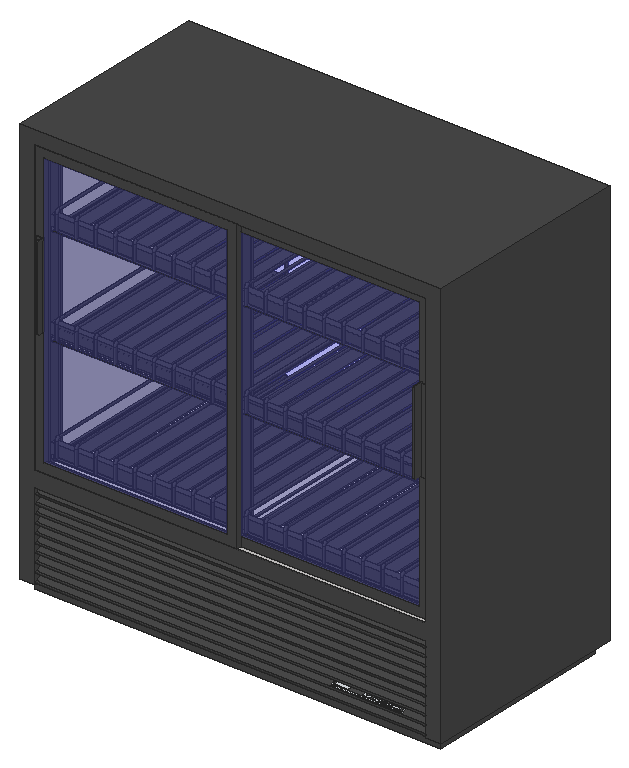
Revit family "QF_TRUE_GDM-41CPT-48-HC-LD", category Specialty Equipment, Revit 2016
Family settings
  Part Type = Normal
  Round Connector Dimension = Use Diameter
  Work Plane-Based = No
  Always vertical = Yes
  Cut with Voids When Loaded = No
  Shared = No
  Room Calculation Point = No
Parameters
  Weight in Pounds = 0
  Watts = if(Phase = 3, Volts * FL Amps * 1.73, Volts * FL Amps)  # 230 W
  Volts = 115 V
  URL Cutsheet = ""
  Specification by User = ""
  Specification by Manufacturer = ""
  Shpw Clearance [instance] = yes
  Show Logo [instance] = yes
  Show 6 Inches Standard Legs [instance] = no
  Show 6 Inches Seismic Flanged Legs [instance] = no
  Show 4 Inches Castors [instance] = no
  Show 2.5 Inches Castors [instance] = no
  Serial Number = ""
  Seismic Rating = ""
  SMACNA No = ""
  Revision Code = ""
  Phase = 1
  Number of Poles = 1
  NAFEM Spec ID Number = ""
  Model = "GDM-41CPT-48-HC-LD"
  Min Ckt Ampacity = 0 A
  Max Overcurrent Protection = 0 A
  Materials and Finishes = QF_Plastic - Black - Smooth
  Masterspec = ""
  Manufacturer = "TRUE"
  Length = 48"
  Item Number = ""
  Installed By = ""
  Identify Quantity as Lot = yes
  Height [instance] = Body Height + Base Height  # 48"
  HP = "1/5"
  Furnished By = ""
  Foodservice Equipment Identifier = yes
  FL Amps = 2 A
  Electrical Remarks = ""
  Electric Connection Type = ""
  Elec Conn RI Height = 0"
  Elec Conn Connection Height = 0"
  Description = "SLIDE DOOR LOWER HEIGHT NARROW DEPTH FAST LANE PASS-THRU REFRIGERATOR WITH HYDROCARBON REFRIGERANT & LED LIGHTING"
  Depth = 24 1/16"
  Show Default Legs [instance] = if(or(Show 6 Inches Standard Legs, Show 2.5 Inches Castors), or(Show 4 Inches Castors, and(Show 6 Inches Standard Legs, Show 2.5 Inches Castors), and(Show 2.5 Inches Castors, Show 6 Inches Seismic Flanged Legs)), if(Show 4 Inches Castors, Show 6 Inches Seismic Flanged Legs, not(Show 6 Inches Seismic Flanged Legs)))  # yes
  Cycle = 60 Hz
  Conn Plug = "NEMA 5-15P"
  Conn Conduit = yes
  CSI MasterFormat = ""
  Body Height [instance] = 47 11/16"  # constant formula
  Base Height [instance] = if(Show Default Legs, 5/16", if(Show 2.5 Inches Castors, 2 1/2", if(Show 6 Inches Standard Legs, 6", if(Show 4 Inches Castors, 4", if(Show 6 Inches Seismic Flanged Legs, 6", 5" / 16)))))  # 5/16"
  Apparent Power = if(Phase = 3, Volts * FL Amps * 1.73, Volts * FL Amps)  # 230 VA
  6 Inches Standard Legs [instance] = and(Show 6 Inches Standard Legs, not(Show Default Legs))  # no
  6 Inches Seismic Flanged Legs [instance] = and(Show 6 Inches Seismic Flanged Legs, not(Show Default Legs))  # no
  4 Inches Castors [instance] = and(Show 2.5 Inches Castors, not(Show Default Legs))  # no
  2.5 Inches Casters [instance] = and(Show 4 Inches Castors, not(Show Default Legs))  # no
Reference planes (in)
  plane 1 "BACK": y = 0
  plane 2: z = 0
  plane 3 "LEFT": x = 0
  plane 4 "RIGHT": x = 48
  plane 5 "FRONT": y = -24.0625
  plane 6 "TOP": z = 0.3125
  plane 7 "Center Y": x = 24
  plane 8 "Center X": y = -12.03125
  plane 9: x = 2.72623
  plane 10: x = 45.27377
  plane 11: z = 48
Dimensions and locks (in)
  equal spacing: plane 3 "LEFT", plane 7 "Center Y", plane 4 "RIGHT"
  "Length": plane 3 "LEFT" to plane 4 "RIGHT"
  equal spacing: plane 5 "FRONT", plane 8 "Center X", plane 1 "BACK"
  "Depth": plane 5 "FRONT" to plane 1 "BACK"
  "Base Height": plane 6 "TOP" to level
  "Body Height": plane 11 to plane 6 "TOP"
  aligned and locked: level to plane 2
  aligned and locked: plane 6 "TOP" to nested 1
Nested families (in)
  nested 1: "GDM-41CPT-48-HC-LD" at (0, 0, 0), Show Clearance <- "Shpw Clearance", Show Logo <- "Show Logo", type "GDM-41CPT-48-HC-LD"
    with Show Clearance yes
  nested 2: "CASTER-LEGS" at (2.72623, -21.3125, 0), Show Siesmic Flanged <- "Show 6 Inches Seismic Flanged Legs", Show 6 Inches Legs <- "Show 6 Inches Standard Legs", Show 4" Casters <- "Show 4 Inches Castors", Show 2.5 Casters <- "Show 2.5 Inches Castors", type "CASTER-LEGS"
    with Type Mark "", Status "", Specification by User "", Show Siesmic Flanged no, Show 6 Inches Legs no, Show 4" Casters no, Show 2.5 Casters no, Revision Code "", Low Profile yes, Item Number "", Installed By "", Identify Quantity as Lot yes, Furnished By "", Foodservice Equipment Identifier yes
  nested 3: "CASTER-LEGS" at (45.72623, -21.3125, 0), Show Siesmic Flanged <- "Show 6 Inches Seismic Flanged Legs", Show 6 Inches Legs <- "Show 6 Inches Standard Legs", Show 4" Casters <- "Show 4 Inches Castors", Show 2.5 Casters <- "Show 2.5 Inches Castors", type "CASTER-LEGS"
    with Type Mark "", Status "", Specification by User "", Show Siesmic Flanged no, Show 6 Inches Legs no, Show 4" Casters no, Show 2.5 Casters no, Revision Code "", Low Profile yes, Item Number "", Installed By "", Identify Quantity as Lot yes, Furnished By "", Foodservice Equipment Identifier yes
  nested 4: "CASTER-LEGS" at (2.72623, -2.75, 0), Show Siesmic Flanged <- "Show 6 Inches Seismic Flanged Legs", Show 6 Inches Legs <- "Show 6 Inches Standard Legs", Show 4" Casters <- "Show 4 Inches Castors", Show 2.5 Casters <- "Show 2.5 Inches Castors", type "CASTER-LEGS"
    with Type Mark "", Status "", Specification by User "", Show Siesmic Flanged no, Show 6 Inches Legs no, Show 4" Casters no, Show 2.5 Casters no, Revision Code "", Low Profile yes, Item Number "", Installed By "", Identify Quantity as Lot yes, Furnished By "", Foodservice Equipment Identifier yes
  nested 5: "CASTER-LEGS" at (45.72623, -2.75, 0), Show Siesmic Flanged <- "Show 6 Inches Seismic Flanged Legs", Show 6 Inches Legs <- "Show 6 Inches Standard Legs", Show 4" Casters <- "Show 4 Inches Castors", Show 2.5 Casters <- "Show 2.5 Inches Castors", type "CASTER-LEGS"
    with Type Mark "", Status "", Specification by User "", Show Siesmic Flanged no, Show 6 Inches Legs no, Show 4" Casters no, Show 2.5 Casters no, Revision Code "", Low Profile yes, Item Number "", Installed By "", Identify Quantity as Lot yes, Furnished By "", Foodservice Equipment Identifier yes
Connectors (in)
  electrical at (24, -12.03125, 0.39616), driven by "Volts", driven by "Watts"
    settings: on nested 1, index 1, voltage 115 V, apparent load 230 VA, apparent load phase1 0 VA, apparent load phase2 0 VA, apparent load phase3 0 VA, power factor 1, load classification "Other", number of poles 1, system type 30, power factor state 1, is connector primary yes, connector utility no, sub classification motor no, connector description "ELECTRICAL CONNECTION"
Definition of nested family "GDM-41CPT-48-HC-LD"
  Parameters (values of type "GDM-41CPT-48-HC-LD")
    Weight in Pounds = 0
    Watts = if(Phase = 3, Volts * FL Amps * 1.73, Volts * FL Amps)  # 230 W
    Volts = 115 V
    URL Cutsheet = ""
    Specification by User = ""
    Specification by Manufacturer = ""
    Show Logo [instance] = yes
    Show Clearance [instance] = yes
    Serial Number = ""
    Seismic Rating = ""
    SMACNA No = ""
    Revision Code = ""
    Phase = 1
    Number of Poles = 1
    NAFEM Spec ID Number = ""
    Model = ""
    Min Ckt Ampacity = 0 A
    Max Overcurrent Protection = 0 A
    Materials and Finishes = none
    Masterspec = ""
    Manufacturer = ""
    Length = 48"
    Item Number = ""
    Installed By = ""
    Identify Quantity as Lot = yes
    Height = 48"
    HP = "1/4"
    Furnished By = ""
    Foodservice Equipment Identifier = yes
    FL Amps = 2 A
    Electrical Remarks = ""
    Electric Connection Type = ""
    Elec Conn RI Height = 0"
    Elec Conn Connection Height = 0"
    Description = ""
    Depth = 24 1/16"
    Show Default Legs [instance] = yes
    Cycle = 60 Hz
    Conn Plug = "5-15P"
    Conn Conduit = yes
    CSI MasterFormat = ""
    Apparent Power = if(Phase = 3, Volts * FL Amps * 1.73, Volts * FL Amps)  # 230 VA
  Reference planes (in)
    plane 1 "BACK": y = 0
    plane 2: z = 0
    plane 3 "LEFT": x = 0
    plane 4 "RIGHT": x = 48
    plane 5 "FRONT": y = -24.0625
    plane 6 "TOP": z = 48
    plane 7 "Center Y": x = 24
    plane 8 "Center X": y = -12.03125
    plane 9: z = 0.3125
    plane 10: y = 0.8125
    plane 11: y = -24.875
  Forms (in)
    Extrusion 1, solid, material <- "Materials and Finishes"
      sketch origin (0, 0, 0) x (1, 0, 0) y (0, 0, 1)
        loop
          line (0, 48) -> (0, 1.5) -> (1.75, 1.5) -> (1.75, 11.4606) -> (46.25, 11.4606) -> (46.25, 1.5) -> (48, 1.5) -> (48, 48) -> (0, 48)
        loop
          line (1.75, 46.5) -> (1.75, 13.31665) -> (46.25, 13.31665) -> (46.25, 46.5) -> (1.75, 46.5)
      from 0 to 24.0625
    Extrusion 2, solid, material <- "Materials and Finishes"
      sketch origin (0, -24.0625, 0) x (1, 0, 0) y (0, 0, 1)
        loop
          line (1.75, 11.4606) -> (1.75, 1.5) -> (46.25, 1.5) -> (46.25, 11.4606) -> (1.75, 11.4606)
      from -1.06417 to -22.99833
    Extrusion 3, solid
      sketch origin (0, -24.0625, 0) x (1, 0, 0) y (0, 0, 1)
        loop
          line (1.75, 46.5) -> (1.75, 13.31665) -> (24.75, 13.31665) -> (24.75, 46.5) -> (1.75, 46.5)
        loop
          line (23.75, 14.31665) -> (23.75, 45.5) -> (2.75, 45.5) -> (2.75, 14.31665) -> (23.75, 14.31665)
      from 0 to -0.5
    Extrusion 4, solid, material <- "Materials and Finishes"
      sketch origin (0, -24.0625, 0) x (1, 0, 0) y (0, 0, 1)
        loop
          line (1.75, 46.5) -> (1.75, 13.31665) -> (24.75, 13.31665) -> (24.75, 46.5) -> (1.75, 46.5)
        loop
          line (23.75, 14.31665) -> (23.75, 45.5) -> (2.75, 45.5) -> (2.75, 14.31665) -> (23.75, 14.31665)
      from 0 to -0.5
    Extrusion 5, solid, material <- "Materials and Finishes"
      sketch origin (0, -23.5625, 0) x (-1, 0, 0) y (0, 0, 1)
        loop
          line (-46.25, 46.5) -> (-46.25, 13.31665) -> (-23.25, 13.31665) -> (-23.25, 46.5) -> (-46.25, 46.5)
        loop
          line (-24.25, 14.31665) -> (-24.25, 45.5) -> (-45.25, 45.5) -> (-45.25, 14.31665) -> (-24.25, 14.31665)
      from 0 to 0.5
    Extrusion 6, solid
      sketch origin (0, -24.0625, 0) x (1, 0, 0) y (0, 0, 1)
        loop
          line (2.75, 14.31665) -> (23.75, 14.31665) -> (23.75, 45.5) -> (2.75, 45.5) -> (2.75, 14.31665)
      from 0 to -0.25
    Extrusion 7, solid
      sketch origin (0, -23.5625, 0) x (1, 0, 0) y (0, 0, 1)
        loop
          line (24.25, 45.5) -> (24.25, 14.31665) -> (45.25, 14.31665) -> (45.25, 45.5) -> (24.25, 45.5)
      from 0 to -0.25
    Extrusion 8, solid, material <- "Materials and Finishes"
      sketch origin (48.375, -24.0625, -10.625) x (-1, 0, 0) y (0, 0, -1)
        loop
          line (46.375, -47.94165) -> (46.375, -38.37345) -> (45.625, -38.37345) -> (45.625, -47.94165) -> (46.375, -47.94165)
      from 0 to 0.125
    Extrusion 9, solid, material <- "Materials and Finishes"
      sketch origin (2.625, -24.0625, 36.30127) x (0, 0, -1) y (0, 1, 0)
        loop
          arc (-1.01538, -0.65089) -> (-0.96805, -0.76517) -> (-0.85377, -0.8125) r 0.16161
          line (-0.85377, -0.8125) -> (8.39266, -0.8125)
          arc (8.39266, -0.8125) -> (8.50591, -0.76559) -> (8.55282, -0.65234) r 0.16016
          line (8.55282, -0.65234) -> (8.55282, 0) -> (-1.01538, 0) -> (-1.01538, -0.65089)
      from 0 to 0.125
    Extrusion 10, solid
      sketch origin (0, -1, 0) x (1, 0, 0) y (0, 0, 1)
        loop
          line (1.75, 46.5) -> (1.75, 13.31665) -> (24.75, 13.31665) -> (24.75, 46.5) -> (1.75, 46.5)
        loop
          line (23.75, 14.31665) -> (23.75, 45.5) -> (2.75, 45.5) -> (2.75, 14.31665) -> (23.75, 14.31665)
      from 0 to -0.5
    Extrusion 11, solid, material <- "Materials and Finishes"
      sketch origin (0, -1, 0) x (1, 0, 0) y (0, 0, 1)
        loop
          line (1.75, 46.5) -> (1.75, 13.31665) -> (24.75, 13.31665) -> (24.75, 46.5) -> (1.75, 46.5)
        loop
          line (23.75, 14.31665) -> (23.75, 45.5) -> (2.75, 45.5) -> (2.75, 14.31665) -> (23.75, 14.31665)
      from 0 to -0.5
    Extrusion 12, solid, material <- "Materials and Finishes"
      sketch origin (0, -0.5, 0) x (-1, 0, 0) y (0, 0, 1)
        loop
          line (-46.25, 46.5) -> (-46.25, 13.31665) -> (-23.25, 13.31665) -> (-23.25, 46.5) -> (-46.25, 46.5)
        loop
          line (-24.25, 14.31665) -> (-24.25, 45.5) -> (-45.25, 45.5) -> (-45.25, 14.31665) -> (-24.25, 14.31665)
      from 0 to 0.5
    Extrusion 13, solid
      sketch origin (0, -1, 0) x (1, 0, 0) y (0, 0, 1)
        loop
          line (2.75, 14.31665) -> (23.75, 14.31665) -> (23.75, 45.5) -> (2.75, 45.5) -> (2.75, 14.31665)
      from 0 to -0.25
    Extrusion 14, solid
      sketch origin (0, -0.5, 0) x (1, 0, 0) y (0, 0, 1)
        loop
          line (24.25, 45.5) -> (24.25, 14.31665) -> (45.25, 14.31665) -> (45.25, 45.5) -> (24.25, 45.5)
      from 0 to -0.25
    Extrusion 15, solid, material <- "Materials and Finishes"
      sketch origin (-0.375, 0, -10.625) x (1, 0, 0) y (0, 0, -1)
        loop
          line (46.375, -47.94165) -> (46.375, -38.37345) -> (45.625, -38.37345) -> (45.625, -47.94165) -> (46.375, -47.94165)
      from 0 to 0.125
    Extrusion 16, solid, material <- "Materials and Finishes"
      sketch origin (45.375, 0, 36.30127) x (0, 0, -1) y (0, -1, 0)
        loop
          arc (-1.01538, -0.65089) -> (-0.96805, -0.76517) -> (-0.85377, -0.8125) r 0.16161
          line (-0.85377, -0.8125) -> (8.39266, -0.8125)
          arc (8.39266, -0.8125) -> (8.50591, -0.76559) -> (8.55282, -0.65234) r 0.16016
          line (8.55282, -0.65234) -> (8.55282, 0) -> (-1.01538, 0) -> (-1.01538, -0.65089)
      from 0 to 0.125
    Extrusion 17, solid, material <- "Materials and Finishes"
      sketch origin (48.375, -0.5, -10.625) x (-1, 0, 0) y (0, 0, 1)
        loop
          line (46.375, 47.94165) -> (45.625, 47.94165) -> (45.625, 38.37345) -> (46.375, 38.37345) -> (46.375, 47.94165)
      from 0 to 0.125
    Extrusion 18, solid, material <- "Materials and Finishes"
      sketch origin (2.625, -0.5, 36.30127) x (0, 0, -1) y (0, 1, 0)
        loop
          line (-1.01538, 0.83839) -> (-1.01538, 0) -> (8.55282, 0) -> (8.55282, 0.83984)
          arc (8.55282, 0.83984) -> (8.50591, 0.95309) -> (8.39266, 1) r 0.16016
          line (8.39266, 1) -> (-0.85377, 1)
          arc (-0.85377, 1) -> (-0.96805, 0.95267) -> (-1.01538, 0.83839) r 0.16161
      from 0 to 0.125
    Extrusion 19, solid, material <- "Materials and Finishes"
      sketch origin (-0.375, -23.5625, -10.625) x (1, 0, 0) y (0, 0, 1)
        loop
          line (46.375, 47.94165) -> (45.625, 47.94165) -> (45.625, 38.37345) -> (46.375, 38.37345) -> (46.375, 47.94165)
      from 0 to 0.125
    Extrusion 20, solid, material <- "Materials and Finishes"
      sketch origin (45.375, -23.5625, 36.30127) x (0, 0, -1) y (0, -1, 0)
        loop
          line (-1.01538, 0.83839) -> (-1.01538, 0) -> (8.55282, 0) -> (8.55282, 0.83984)
          arc (8.55282, 0.83984) -> (8.50591, 0.95309) -> (8.39266, 1) r 0.16016
          line (8.39266, 1) -> (-0.85377, 1)
          arc (-0.85377, 1) -> (-0.96805, 0.95267) -> (-1.01538, 0.83839) r 0.16161
      from 0 to 0.125
    Extrusion 21, solid, material <- "Materials and Finishes"
      sketch origin (1.75, 0, 48) x (0, 0, -1) y (0, 1, 0)
        loop
          arc (37.05619, -23.99836) -> (37.22694, -24.04411) -> (37.2727, -23.87336) r 0.125
          line (37.2727, -23.87336) -> (36.82807, -23.10324) -> (36.5394, -23.10324) -> (37.05619, -23.99836)
        loop
          arc (38.05928, -24.00371) -> (38.23003, -24.04946) -> (38.27579, -23.87871) r 0.125
          line (38.27579, -23.87871) -> (37.82807, -23.10324) -> (37.5394, -23.10324) -> (38.05928, -24.00371)
        loop
          arc (39.05409, -23.99473) -> (39.22485, -24.04048) -> (39.2706, -23.86973) r 0.125
          line (39.2706, -23.86973) -> (38.82807, -23.10324) -> (38.5394, -23.10324) -> (39.05409, -23.99473)
        loop
          arc (40.05468, -23.99574) -> (40.22543, -24.0415) -> (40.27119, -23.87074) r 0.125
          line (40.27119, -23.87074) -> (39.82807, -23.10324) -> (39.5394, -23.10324) -> (40.05468, -23.99574)
        loop
          arc (41.05702, -23.99979) -> (41.22777, -24.04554) -> (41.27352, -23.87479) r 0.125
          line (41.27352, -23.87479) -> (40.82807, -23.10324) -> (40.5394, -23.10324) -> (41.05702, -23.99979)
        loop
          arc (42.05893, -24.0031) -> (42.22969, -24.04886) -> (42.27544, -23.8781) r 0.125
          line (42.27544, -23.8781) -> (41.82807, -23.10324) -> (41.5394, -23.10324) -> (42.05893, -24.0031)
        loop
          arc (43.05633, -23.99861) -> (43.22709, -24.04436) -> (43.27284, -23.87361) r 0.125
          line (43.27284, -23.87361) -> (42.82807, -23.10324) -> (42.5394, -23.10324) -> (43.05633, -23.99861)
        loop
          arc (44.05786, -24.00125) -> (44.22861, -24.047) -> (44.27437, -23.87625) r 0.125
          line (44.27437, -23.87625) -> (43.82807, -23.10324) -> (43.5394, -23.10324) -> (44.05786, -24.00125)
        loop
          arc (45.05769, -24.00096) -> (45.22845, -24.04671) -> (45.2742, -23.87596) r 0.125
          line (45.2742, -23.87596) -> (44.82807, -23.10324) -> (44.5394, -23.10324) -> (45.05769, -24.00096)
        loop
          arc (46.05696, -23.99969) -> (46.22771, -24.04544) -> (46.27347, -23.87469) r 0.125
          line (46.27347, -23.87469) -> (45.82807, -23.10324) -> (45.5394, -23.10324) -> (46.05696, -23.99969)
        loop
          line (37.05619, -0.06414) -> (36.5394, -0.95926) -> (36.82807, -0.95926) -> (37.2727, -0.18914)
          arc (37.2727, -0.18914) -> (37.22694, -0.01839) -> (37.05619, -0.06414) r 0.125
        loop
          line (38.05928, -0.05879) -> (37.5394, -0.95926) -> (37.82807, -0.95926) -> (38.27579, -0.18379)
          arc (38.27579, -0.18379) -> (38.23003, -0.01304) -> (38.05928, -0.05879) r 0.125
        loop
          line (39.05409, -0.06777) -> (38.5394, -0.95926) -> (38.82807, -0.95926) -> (39.2706, -0.19277)
          arc (39.2706, -0.19277) -> (39.22485, -0.02202) -> (39.05409, -0.06777) r 0.125
        loop
          line (40.05468, -0.06676) -> (39.5394, -0.95926) -> (39.82807, -0.95926) -> (40.27119, -0.19176)
          arc (40.27119, -0.19176) -> (40.22543, -0.021) -> (40.05468, -0.06676) r 0.125
        loop
          line (41.05702, -0.06271) -> (40.5394, -0.95926) -> (40.82807, -0.95926) -> (41.27352, -0.18771)
          arc (41.27352, -0.18771) -> (41.22777, -0.01696) -> (41.05702, -0.06271) r 0.125
        loop
          line (42.05893, -0.0594) -> (41.5394, -0.95926) -> (41.82807, -0.95926) -> (42.27544, -0.1844)
          arc (42.27544, -0.1844) -> (42.22969, -0.01364) -> (42.05893, -0.0594) r 0.125
        loop
          line (43.05633, -0.06389) -> (42.5394, -0.95926) -> (42.82807, -0.95926) -> (43.27284, -0.18889)
          arc (43.27284, -0.18889) -> (43.22709, -0.01814) -> (43.05633, -0.06389) r 0.125
        loop
          line (44.05786, -0.06125) -> (43.5394, -0.95926) -> (43.82807, -0.95926) -> (44.27437, -0.18625)
          arc (44.27437, -0.18625) -> (44.22861, -0.0155) -> (44.05786, -0.06125) r 0.125
        loop
          line (45.05769, -0.06154) -> (44.5394, -0.95926) -> (44.82807, -0.95926) -> (45.2742, -0.18654)
          arc (45.2742, -0.18654) -> (45.22845, -0.01579) -> (45.05769, -0.06154) r 0.125
        loop
          line (46.05696, -0.06281) -> (45.5394, -0.95926) -> (45.82807, -0.95926) -> (46.27347, -0.18781)
          arc (46.27347, -0.18781) -> (46.22771, -0.01706) -> (46.05696, -0.06281) r 0.125
      from 0 to 44.5
    Extrusion 22, solid, material <- "Materials and Finishes"
      sketch origin (0, 0, 0) x (1, 0, 0) y (0, 0, 1)
        loop
          line (0.875, 1.5) -> (0.875, 0.3125) -> (47.14314, 0.3125) -> (47.14314, 1.5) -> (0.875, 1.5)
      from 1.06417 to 22.99833
    Extrusion 23, solid, material <- "Materials and Finishes"
      sketch origin (0, 0, 0) x (1, 0, 0) y (0, 1, 0)
        loop
          line (23.59375, -21.35324) -> (23.59375, -21.47824) -> (23.875, -21.47824) -> (23.875, -22.97824) -> (23.59375, -22.97824) -> (23.59375, -23.10324) -> (24.40625, -23.10324) -> (24.40625, -22.97824) -> (24.125, -22.97824) -> (24.125, -21.47824) -> (24.40625, -21.47824) -> (24.40625, -21.35324) -> (23.59375, -21.35324)
        loop
          line (23.59375, -2.70926) -> (24.40625, -2.70926) -> (24.40625, -2.58426) -> (24.125, -2.58426) -> (24.125, -1.08426) -> (24.40625, -1.08426) -> (24.40625, -0.95926) -> (23.59375, -0.95926) -> (23.59375, -1.08426) -> (23.875, -1.08426) -> (23.875, -2.58426) -> (23.59375, -2.58426) -> (23.59375, -2.70926)
        loop
          line (1.75, -21.35324) -> (1.75, -21.47824) -> (2.03125, -21.47824) -> (2.03125, -22.97824) -> (1.75, -22.97824) -> (1.75, -23.10324) -> (2.5625, -23.10324) -> (2.5625, -22.97824) -> (2.28125, -22.97824) -> (2.28125, -21.47824) -> (2.5625, -21.47824) -> (2.5625, -21.35324) -> (1.75, -21.35324)
        loop
          line (1.75, -2.70926) -> (2.5625, -2.70926) -> (2.5625, -2.58426) -> (2.28125, -2.58426) -> (2.28125, -1.08426) -> (2.5625, -1.08426) -> (2.5625, -0.95926) -> (1.75, -0.95926) -> (1.75, -1.08426) -> (2.03125, -1.08426) -> (2.03125, -2.58426) -> (1.75, -2.58426) -> (1.75, -2.70926)
        loop
          line (46.25, -21.35324) -> (45.4375, -21.35324) -> (45.4375, -21.47824) -> (45.71875, -21.47824) -> (45.71875, -22.97824) -> (45.4375, -22.97824) -> (45.4375, -23.10324) -> (46.25, -23.10324) -> (46.25, -22.97824) -> (45.96875, -22.97824) -> (45.96875, -21.47824) -> (46.25, -21.47824) -> (46.25, -21.35324)
        loop
          line (46.25, -2.70926) -> (46.25, -2.58426) -> (45.96875, -2.58426) -> (45.96875, -1.08426) -> (46.25, -1.08426) -> (46.25, -0.95926) -> (45.4375, -0.95926) -> (45.4375, -1.08426) -> (45.71875, -1.08426) -> (45.71875, -2.58426) -> (45.4375, -2.58426) -> (45.4375, -2.70926) -> (46.25, -2.70926)
      from 46.5 to 13.31665
    Sweep 24, solid, material <- "Materials and Finishes"
      path origin (0, 0, 14.375) x (1, 0, 0) y (0, 1, 0)
        loop
          arc (24.40625, -22.41604) -> (24.5343, -22.72519) -> (24.84345, -22.85324) r 0.4372
          line (24.84345, -22.85324) -> (45, -22.85324)
          arc (45, -22.85324) -> (45.30936, -22.7251) -> (45.4375, -22.41574) r 0.4375
          line (45.4375, -22.41574) -> (45.4375, -1.64676)
          arc (45.4375, -1.64676) -> (45.30936, -1.3374) -> (45, -1.20926) r 0.4375
          line (45, -1.20926) -> (24.84345, -1.20926)
          arc (24.84345, -1.20926) -> (24.5343, -1.33731) -> (24.40625, -1.64646) r 0.4372
          line (24.40625, -1.64646) -> (24.40625, -22.41604)
      profile origin (24.40625, -12.03125, 14.375) x (-1, 0, 0) y (0, 0, 1)
        loop
          circle (0, 0) r 0.125
    Extrusion 25, solid, material <- "Materials and Finishes"
      sketch origin (0, 0, 0) x (0, 1, 0) y (0, 0, 1)
        loop
          line (-22.64, 14.49912) -> (-21.89, 14.49912) -> (-21.89, 15.68264) -> (-22.64, 15.68264) -> (-22.64, 14.49912)
      from 45.71875 to 24.125
    Extrusion 26, solid, material <- "Materials and Finishes"
      sketch origin (0, 0, 0) x (1, 0, 0) y (0, 0, 1)
        loop
          line (25.16434, 14.49912) -> (26.66434, 14.49912) -> (26.66434, 14.62412) -> (25.16434, 14.62412) -> (25.16434, 14.49912)
        loop
          line (27.38309, 14.49912) -> (28.88309, 14.49912) -> (28.88309, 14.62412) -> (27.38309, 14.62412) -> (27.38309, 14.49912)
        loop
          line (29.60184, 14.49912) -> (31.10184, 14.49912) -> (31.10184, 14.62412) -> (29.60184, 14.62412) -> (29.60184, 14.49912)
        loop
          line (31.82059, 14.49912) -> (33.32059, 14.49912) -> (33.32059, 14.62412) -> (31.82059, 14.62412) -> (31.82059, 14.49912)
        loop
          line (34.03934, 14.49912) -> (35.53934, 14.49912) -> (35.53934, 14.62412) -> (34.03934, 14.62412) -> (34.03934, 14.49912)
        loop
          line (36.25809, 14.49912) -> (37.75809, 14.49912) -> (37.75809, 14.62412) -> (36.25809, 14.62412) -> (36.25809, 14.49912)
        loop
          line (38.47684, 14.49912) -> (39.97684, 14.49912) -> (39.97684, 14.62412) -> (38.47684, 14.62412) -> (38.47684, 14.49912)
        loop
          line (40.69559, 14.49912) -> (42.19559, 14.49912) -> (42.19559, 14.62412) -> (40.69559, 14.62412) -> (40.69559, 14.49912)
        loop
          line (42.91434, 14.49912) -> (44.41434, 14.49912) -> (44.41434, 14.62412) -> (42.91434, 14.62412) -> (42.91434, 14.49912)
      from 21.89 to 1.08426
    Sweep 27, solid, material <- "Materials and Finishes"
      path origin (27.03125, 0, 0) x (0, 1, 0) y (0, 0, 1)
        loop
          line (-22.85067, 14.3535) -> (-22.85067, 16.24933)
          arc (-22.85067, 16.24933) -> (-22.77745, 16.4261) -> (-22.60067, 16.49933) r 0.25
          line (-22.60067, 16.49933) -> (-1.46183, 16.49933)
          arc (-1.46183, 16.49933) -> (-1.28505, 16.4261) -> (-1.21183, 16.24933) r 0.25
          line (-1.21183, 16.24933) -> (-1.21183, 14.3535)
      profile origin (27.03125, -22.85067, 15.30141) x (0, -1, 0) y (1, 0, 0)
        loop
          circle (0, 0) r 0.125
    Sweep 28, solid, material <- "Materials and Finishes"
      path origin (29.25, 0, 0) x (0, 1, 0) y (0, 0, 1)
        loop
          line (-22.85067, 14.3535) -> (-22.85067, 16.24933)
          arc (-22.85067, 16.24933) -> (-22.77745, 16.4261) -> (-22.60067, 16.49933) r 0.25
          line (-22.60067, 16.49933) -> (-1.46183, 16.49933)
          arc (-1.46183, 16.49933) -> (-1.28505, 16.4261) -> (-1.21183, 16.24933) r 0.25
          line (-1.21183, 16.24933) -> (-1.21183, 14.3535)
      profile origin (29.25, -22.85067, 15.30141) x (0, -1, 0) y (1, 0, 0)
        loop
          circle (0, 0) r 0.125
    Sweep 29, solid, material <- "Materials and Finishes"
      path origin (31.46875, 0, 0) x (0, 1, 0) y (0, 0, 1)
        loop
          line (-22.85067, 14.3535) -> (-22.85067, 16.24933)
          arc (-22.85067, 16.24933) -> (-22.77745, 16.4261) -> (-22.60067, 16.49933) r 0.25
          line (-22.60067, 16.49933) -> (-1.46183, 16.49933)
          arc (-1.46183, 16.49933) -> (-1.28505, 16.4261) -> (-1.21183, 16.24933) r 0.25
          line (-1.21183, 16.24933) -> (-1.21183, 14.3535)
      profile origin (31.46875, -22.85067, 15.30141) x (0, -1, 0) y (1, 0, 0)
        loop
          circle (0, 0) r 0.125
    Sweep 30, solid, material <- "Materials and Finishes"
      path origin (33.6875, 0, 0) x (0, 1, 0) y (0, 0, 1)
        loop
          line (-22.85067, 14.3535) -> (-22.85067, 16.24933)
          arc (-22.85067, 16.24933) -> (-22.77745, 16.4261) -> (-22.60067, 16.49933) r 0.25
          line (-22.60067, 16.49933) -> (-1.46183, 16.49933)
          arc (-1.46183, 16.49933) -> (-1.28505, 16.4261) -> (-1.21183, 16.24933) r 0.25
          line (-1.21183, 16.24933) -> (-1.21183, 14.3535)
      profile origin (33.6875, -22.85067, 15.30141) x (0, -1, 0) y (1, 0, 0)
        loop
          circle (0, 0) r 0.125
    Sweep 31, solid, material <- "Materials and Finishes"
      path origin (35.90625, 0, 0) x (0, 1, 0) y (0, 0, 1)
        loop
          line (-22.85067, 14.3535) -> (-22.85067, 16.24933)
          arc (-22.85067, 16.24933) -> (-22.77745, 16.4261) -> (-22.60067, 16.49933) r 0.25
          line (-22.60067, 16.49933) -> (-1.46183, 16.49933)
          arc (-1.46183, 16.49933) -> (-1.28505, 16.4261) -> (-1.21183, 16.24933) r 0.25
          line (-1.21183, 16.24933) -> (-1.21183, 14.3535)
      profile origin (35.90625, -22.85067, 15.30141) x (0, -1, 0) y (1, 0, 0)
        loop
          circle (0, 0) r 0.125
    Sweep 32, solid, material <- "Materials and Finishes"
      path origin (38.125, 0, 0) x (0, 1, 0) y (0, 0, 1)
        loop
          line (-22.85067, 14.3535) -> (-22.85067, 16.24933)
          arc (-22.85067, 16.24933) -> (-22.77745, 16.4261) -> (-22.60067, 16.49933) r 0.25
          line (-22.60067, 16.49933) -> (-1.46183, 16.49933)
          arc (-1.46183, 16.49933) -> (-1.28505, 16.4261) -> (-1.21183, 16.24933) r 0.25
          line (-1.21183, 16.24933) -> (-1.21183, 14.3535)
      profile origin (38.125, -22.85067, 15.30141) x (0, -1, 0) y (1, 0, 0)
        loop
          circle (0, 0) r 0.125
    Sweep 33, solid, material <- "Materials and Finishes"
      path origin (40.34375, 0, 0) x (0, 1, 0) y (0, 0, 1)
        loop
          line (-22.85067, 14.3535) -> (-22.85067, 16.24933)
          arc (-22.85067, 16.24933) -> (-22.77745, 16.4261) -> (-22.60067, 16.49933) r 0.25
          line (-22.60067, 16.49933) -> (-1.46183, 16.49933)
          arc (-1.46183, 16.49933) -> (-1.28505, 16.4261) -> (-1.21183, 16.24933) r 0.25
          line (-1.21183, 16.24933) -> (-1.21183, 14.3535)
      profile origin (40.34375, -22.85067, 15.30141) x (0, -1, 0) y (1, 0, 0)
        loop
          circle (0, 0) r 0.125
    Sweep 34, solid, material <- "Materials and Finishes"
      path origin (42.5625, 0, 0) x (0, 1, 0) y (0, 0, 1)
        loop
          line (-22.85067, 14.3535) -> (-22.85067, 16.24933)
          arc (-22.85067, 16.24933) -> (-22.77745, 16.4261) -> (-22.60067, 16.49933) r 0.25
          line (-22.60067, 16.49933) -> (-1.46183, 16.49933)
          arc (-1.46183, 16.49933) -> (-1.28505, 16.4261) -> (-1.21183, 16.24933) r 0.25
          line (-1.21183, 16.24933) -> (-1.21183, 14.3535)
      profile origin (42.5625, -22.85067, 15.30141) x (0, -1, 0) y (1, 0, 0)
        loop
          circle (0, 0) r 0.125
    Sweep 35, solid, material <- "Materials and Finishes"
      path origin (44.78125, 0, 0) x (0, 1, 0) y (0, 0, 1)
        loop
          line (-22.85067, 14.3535) -> (-22.85067, 16.24933)
          arc (-22.85067, 16.24933) -> (-22.77745, 16.4261) -> (-22.60067, 16.49933) r 0.25
          line (-22.60067, 16.49933) -> (-1.46183, 16.49933)
          arc (-1.46183, 16.49933) -> (-1.28505, 16.4261) -> (-1.21183, 16.24933) r 0.25
          line (-1.21183, 16.24933) -> (-1.21183, 14.3535)
      profile origin (44.78125, -22.85067, 15.30141) x (0, -1, 0) y (1, 0, 0)
        loop
          circle (0, 0) r 0.125
    Sweep 36, solid, material <- "Materials and Finishes"
      path origin (24.8125, 0, 0) x (0, 1, 0) y (0, 0, 1)
        loop
          line (-22.85067, 14.3535) -> (-22.85067, 16.24933)
          arc (-22.85067, 16.24933) -> (-22.77745, 16.4261) -> (-22.60067, 16.49933) r 0.25
          line (-22.60067, 16.49933) -> (-1.46183, 16.49933)
          arc (-1.46183, 16.49933) -> (-1.28505, 16.4261) -> (-1.21183, 16.24933) r 0.25
          line (-1.21183, 16.24933) -> (-1.21183, 14.3535)
      profile origin (24.8125, -22.85067, 15.30141) x (0, -1, 0) y (1, 0, 0)
        loop
          circle (0, 0) r 0.125
    Sweep 37, solid, material <- "Materials and Finishes"
      path origin (0, 0, 14.375) x (1, 0, 0) y (0, 1, 0)
        loop
          line (23.59375, -22.41604) -> (23.59375, -1.64646)
          arc (23.59375, -1.64646) -> (23.4657, -1.33731) -> (23.15655, -1.20926) r 0.4372
          line (23.15655, -1.20926) -> (3, -1.20926)
          arc (3, -1.20926) -> (2.69064, -1.3374) -> (2.5625, -1.64676) r 0.4375
          line (2.5625, -1.64676) -> (2.5625, -22.41574)
          arc (2.5625, -22.41574) -> (2.69064, -22.7251) -> (3, -22.85324) r 0.4375
          line (3, -22.85324) -> (23.15655, -22.85324)
          arc (23.15655, -22.85324) -> (23.4657, -22.72519) -> (23.59375, -22.41604) r 0.4372
      profile origin (23.59375, -12.03125, 14.375) x (-1, 0, 0) y (0, 0, 1)
        loop
          circle (0, 0) r 0.125
    Extrusion 38, solid, material <- "Materials and Finishes"
      sketch origin (0, 0, 0) x (0, 1, 0) y (0, 0, 1)
        loop
          line (-22.64, 14.49912) -> (-21.89, 14.49912) -> (-21.89, 15.68264) -> (-22.64, 15.68264) -> (-22.64, 14.49912)
      from 45.71875 to 24.125
    Extrusion 39, solid, material <- "Materials and Finishes"
      sketch origin (0, 0, 0) x (1, 0, 0) y (0, 0, 1)
        loop
          line (22.83566, 14.49912) -> (22.83566, 14.62412) -> (21.33566, 14.62412) -> (21.33566, 14.49912) -> (22.83566, 14.49912)
        loop
          line (20.61691, 14.49912) -> (20.61691, 14.62412) -> (19.11691, 14.62412) -> (19.11691, 14.49912) -> (20.61691, 14.49912)
        loop
          line (18.39816, 14.49912) -> (18.39816, 14.62412) -> (16.89816, 14.62412) -> (16.89816, 14.49912) -> (18.39816, 14.49912)
        loop
          line (16.17941, 14.49912) -> (16.17941, 14.62412) -> (14.67941, 14.62412) -> (14.67941, 14.49912) -> (16.17941, 14.49912)
        loop
          line (13.96066, 14.49912) -> (13.96066, 14.62412) -> (12.46066, 14.62412) -> (12.46066, 14.49912) -> (13.96066, 14.49912)
        loop
          line (11.74191, 14.49912) -> (11.74191, 14.62412) -> (10.24191, 14.62412) -> (10.24191, 14.49912) -> (11.74191, 14.49912)
        loop
          line (9.52316, 14.49912) -> (9.52316, 14.62412) -> (8.02316, 14.62412) -> (8.02316, 14.49912) -> (9.52316, 14.49912)
        loop
          line (7.30441, 14.49912) -> (7.30441, 14.62412) -> (5.80441, 14.62412) -> (5.80441, 14.49912) -> (7.30441, 14.49912)
        loop
          line (5.08566, 14.49912) -> (5.08566, 14.62412) -> (3.58566, 14.62412) -> (3.58566, 14.49912) -> (5.08566, 14.49912)
      from 21.89 to 1.08426
    Sweep 40, solid, material <- "Materials and Finishes"
      path origin (27.03125, 0, 0) x (0, 1, 0) y (0, 0, 1)
        loop
          line (-22.85067, 14.3535) -> (-22.85067, 16.24933)
          arc (-22.85067, 16.24933) -> (-22.77745, 16.4261) -> (-22.60067, 16.49933) r 0.25
          line (-22.60067, 16.49933) -> (-1.46183, 16.49933)
          arc (-1.46183, 16.49933) -> (-1.28505, 16.4261) -> (-1.21183, 16.24933) r 0.25
          line (-1.21183, 16.24933) -> (-1.21183, 14.3535)
      profile origin (27.03125, -22.85067, 15.30141) x (0, -1, 0) y (1, 0, 0)
        loop
          circle (0, -6.0625) r 0.125
    Sweep 41, solid, material <- "Materials and Finishes"
      path origin (29.25, 0, 0) x (0, 1, 0) y (0, 0, 1)
        loop
          line (-22.85067, 14.3535) -> (-22.85067, 16.24933)
          arc (-22.85067, 16.24933) -> (-22.77745, 16.4261) -> (-22.60067, 16.49933) r 0.25
          line (-22.60067, 16.49933) -> (-1.46183, 16.49933)
          arc (-1.46183, 16.49933) -> (-1.28505, 16.4261) -> (-1.21183, 16.24933) r 0.25
          line (-1.21183, 16.24933) -> (-1.21183, 14.3535)
      profile origin (29.25, -22.85067, 15.30141) x (0, -1, 0) y (1, 0, 0)
        loop
          circle (0, -10.5) r 0.125
    Sweep 42, solid, material <- "Materials and Finishes"
      path origin (31.46875, 0, 0) x (0, 1, 0) y (0, 0, 1)
        loop
          line (-22.85067, 14.3535) -> (-22.85067, 16.24933)
          arc (-22.85067, 16.24933) -> (-22.77745, 16.4261) -> (-22.60067, 16.49933) r 0.25
          line (-22.60067, 16.49933) -> (-1.46183, 16.49933)
          arc (-1.46183, 16.49933) -> (-1.28505, 16.4261) -> (-1.21183, 16.24933) r 0.25
          line (-1.21183, 16.24933) -> (-1.21183, 14.3535)
      profile origin (31.46875, -22.85067, 15.30141) x (0, -1, 0) y (1, 0, 0)
        loop
          circle (0, -14.9375) r 0.125
    Sweep 43, solid, material <- "Materials and Finishes"
      path origin (33.6875, 0, 0) x (0, 1, 0) y (0, 0, 1)
        loop
          line (-22.85067, 14.3535) -> (-22.85067, 16.24933)
          arc (-22.85067, 16.24933) -> (-22.77745, 16.4261) -> (-22.60067, 16.49933) r 0.25
          line (-22.60067, 16.49933) -> (-1.46183, 16.49933)
          arc (-1.46183, 16.49933) -> (-1.28505, 16.4261) -> (-1.21183, 16.24933) r 0.25
          line (-1.21183, 16.24933) -> (-1.21183, 14.3535)
      profile origin (33.6875, -22.85067, 15.30141) x (0, -1, 0) y (1, 0, 0)
        loop
          circle (0, -19.375) r 0.125
    Sweep 44, solid, material <- "Materials and Finishes"
      path origin (35.90625, 0, 0) x (0, 1, 0) y (0, 0, 1)
        loop
          line (-22.85067, 14.3535) -> (-22.85067, 16.24933)
          arc (-22.85067, 16.24933) -> (-22.77745, 16.4261) -> (-22.60067, 16.49933) r 0.25
          line (-22.60067, 16.49933) -> (-1.46183, 16.49933)
          arc (-1.46183, 16.49933) -> (-1.28505, 16.4261) -> (-1.21183, 16.24933) r 0.25
          line (-1.21183, 16.24933) -> (-1.21183, 14.3535)
      profile origin (35.90625, -22.85067, 15.30141) x (0, -1, 0) y (1, 0, 0)
        loop
          circle (0, -23.8125) r 0.125
    Sweep 45, solid, material <- "Materials and Finishes"
      path origin (38.125, 0, 0) x (0, 1, 0) y (0, 0, 1)
        loop
          line (-22.85067, 14.3535) -> (-22.85067, 16.24933)
          arc (-22.85067, 16.24933) -> (-22.77745, 16.4261) -> (-22.60067, 16.49933) r 0.25
          line (-22.60067, 16.49933) -> (-1.46183, 16.49933)
          arc (-1.46183, 16.49933) -> (-1.28505, 16.4261) -> (-1.21183, 16.24933) r 0.25
          line (-1.21183, 16.24933) -> (-1.21183, 14.3535)
      profile origin (38.125, -22.85067, 15.30141) x (0, -1, 0) y (1, 0, 0)
        loop
          circle (0, -28.25) r 0.125
    Sweep 46, solid, material <- "Materials and Finishes"
      path origin (40.34375, 0, 0) x (0, 1, 0) y (0, 0, 1)
        loop
          line (-22.85067, 14.3535) -> (-22.85067, 16.24933)
          arc (-22.85067, 16.24933) -> (-22.77745, 16.4261) -> (-22.60067, 16.49933) r 0.25
          line (-22.60067, 16.49933) -> (-1.46183, 16.49933)
          arc (-1.46183, 16.49933) -> (-1.28505, 16.4261) -> (-1.21183, 16.24933) r 0.25
          line (-1.21183, 16.24933) -> (-1.21183, 14.3535)
      profile origin (40.34375, -22.85067, 15.30141) x (0, -1, 0) y (1, 0, 0)
        loop
          circle (0, -32.6875) r 0.125
    Sweep 47, solid, material <- "Materials and Finishes"
      path origin (42.5625, 0, 0) x (0, 1, 0) y (0, 0, 1)
        loop
          line (-22.85067, 14.3535) -> (-22.85067, 16.24933)
          arc (-22.85067, 16.24933) -> (-22.77745, 16.4261) -> (-22.60067, 16.49933) r 0.25
          line (-22.60067, 16.49933) -> (-1.46183, 16.49933)
          arc (-1.46183, 16.49933) -> (-1.28505, 16.4261) -> (-1.21183, 16.24933) r 0.25
          line (-1.21183, 16.24933) -> (-1.21183, 14.3535)
      profile origin (42.5625, -22.85067, 15.30141) x (0, -1, 0) y (1, 0, 0)
        loop
          circle (0, -37.125) r 0.125
    Sweep 48, solid, material <- "Materials and Finishes"
      path origin (44.78125, 0, 0) x (0, 1, 0) y (0, 0, 1)
        loop
          line (-22.85067, 14.3535) -> (-22.85067, 16.24933)
          arc (-22.85067, 16.24933) -> (-22.77745, 16.4261) -> (-22.60067, 16.49933) r 0.25
          line (-22.60067, 16.49933) -> (-1.46183, 16.49933)
          arc (-1.46183, 16.49933) -> (-1.28505, 16.4261) -> (-1.21183, 16.24933) r 0.25
          line (-1.21183, 16.24933) -> (-1.21183, 14.3535)
      profile origin (44.78125, -22.85067, 15.30141) x (0, -1, 0) y (1, 0, 0)
        loop
          circle (0, -41.5625) r 0.125
    Sweep 49, solid, material <- "Materials and Finishes"
      path origin (24.8125, 0, 0) x (0, 1, 0) y (0, 0, 1)
        loop
          line (-22.85067, 14.3535) -> (-22.85067, 16.24933)
          arc (-22.85067, 16.24933) -> (-22.77745, 16.4261) -> (-22.60067, 16.49933) r 0.25
          line (-22.60067, 16.49933) -> (-1.46183, 16.49933)
          arc (-1.46183, 16.49933) -> (-1.28505, 16.4261) -> (-1.21183, 16.24933) r 0.25
          line (-1.21183, 16.24933) -> (-1.21183, 14.3535)
      profile origin (24.8125, -22.85067, 15.30141) x (0, -1, 0) y (1, 0, 0)
        loop
          circle (0, -1.625) r 0.125
    Extrusion 50, solid, material <- "Materials and Finishes"
      sketch origin (48, 0, 0) x (0, 1, 0) y (0, 0, -1)
        loop
          line (-22.64, -14.49912) -> (-22.64, -15.68264) -> (-21.89, -15.68264) -> (-21.89, -14.49912) -> (-22.64, -14.49912)
      from 45.71875 to 24.125
    Extrusion 51, solid, material <- "Materials and Finishes"
      sketch origin (48, 0, 0) x (0, 1, 0) y (0, 0, -1)
        loop
          line (-22.64, -14.49912) -> (-22.64, -15.68264) -> (-21.89, -15.68264) -> (-21.89, -14.49912) -> (-22.64, -14.49912)
      from 45.71875 to 24.125
    Sweep 52, solid, material <- "Materials and Finishes"
      path origin (0, 0, 26.625) x (1, 0, 0) y (0, 1, 0)
        loop
          arc (24.40625, -22.41604) -> (24.5343, -22.72519) -> (24.84345, -22.85324) r 0.4372
          line (24.84345, -22.85324) -> (45, -22.85324)
          arc (45, -22.85324) -> (45.30936, -22.7251) -> (45.4375, -22.41574) r 0.4375
          line (45.4375, -22.41574) -> (45.4375, -1.64676)
          arc (45.4375, -1.64676) -> (45.30936, -1.3374) -> (45, -1.20926) r 0.4375
          line (45, -1.20926) -> (24.84345, -1.20926)
          arc (24.84345, -1.20926) -> (24.5343, -1.33731) -> (24.40625, -1.64646) r 0.4372
          line (24.40625, -1.64646) -> (24.40625, -22.41604)
      profile origin (24.40625, -12.03125, 26.625) x (-1, 0, 0) y (0, 0, 1)
        loop
          circle (0, 0) r 0.125
    Extrusion 53, solid, material <- "Materials and Finishes"
      sketch origin (0, 0, 12.25) x (0, 1, 0) y (0, 0, 1)
        loop
          line (-22.64, 14.49912) -> (-21.89, 14.49912) -> (-21.89, 15.68264) -> (-22.64, 15.68264) -> (-22.64, 14.49912)
      from 45.71875 to 24.125
    Extrusion 54, solid, material <- "Materials and Finishes"
      sketch origin (0, 0, 12.25) x (1, 0, 0) y (0, 0, 1)
        loop
          line (25.16434, 14.49912) -> (26.66434, 14.49912) -> (26.66434, 14.62412) -> (25.16434, 14.62412) -> (25.16434, 14.49912)
        loop
          line (27.38309, 14.49912) -> (28.88309, 14.49912) -> (28.88309, 14.62412) -> (27.38309, 14.62412) -> (27.38309, 14.49912)
        loop
          line (29.60184, 14.49912) -> (31.10184, 14.49912) -> (31.10184, 14.62412) -> (29.60184, 14.62412) -> (29.60184, 14.49912)
        loop
          line (31.82059, 14.49912) -> (33.32059, 14.49912) -> (33.32059, 14.62412) -> (31.82059, 14.62412) -> (31.82059, 14.49912)
        loop
          line (34.03934, 14.49912) -> (35.53934, 14.49912) -> (35.53934, 14.62412) -> (34.03934, 14.62412) -> (34.03934, 14.49912)
        loop
          line (36.25809, 14.49912) -> (37.75809, 14.49912) -> (37.75809, 14.62412) -> (36.25809, 14.62412) -> (36.25809, 14.49912)
        loop
          line (38.47684, 14.49912) -> (39.97684, 14.49912) -> (39.97684, 14.62412) -> (38.47684, 14.62412) -> (38.47684, 14.49912)
        loop
          line (40.69559, 14.49912) -> (42.19559, 14.49912) -> (42.19559, 14.62412) -> (40.69559, 14.62412) -> (40.69559, 14.49912)
        loop
          line (42.91434, 14.49912) -> (44.41434, 14.49912) -> (44.41434, 14.62412) -> (42.91434, 14.62412) -> (42.91434, 14.49912)
      from 21.89 to 1.08426
    Sweep 55, solid, material <- "Materials and Finishes"
      path origin (27.03125, 0, 12.25) x (0, 1, 0) y (0, 0, 1)
        loop
          line (-22.85067, 14.3535) -> (-22.85067, 16.24933)
          arc (-22.85067, 16.24933) -> (-22.77745, 16.4261) -> (-22.60067, 16.49933) r 0.25
          line (-22.60067, 16.49933) -> (-1.46183, 16.49933)
          arc (-1.46183, 16.49933) -> (-1.28505, 16.4261) -> (-1.21183, 16.24933) r 0.25
          line (-1.21183, 16.24933) -> (-1.21183, 14.3535)
      profile origin (27.03125, -22.85067, 27.55141) x (0, -1, 0) y (1, 0, 0)
        loop
          circle (0, 0) r 0.125
    Sweep 56, solid, material <- "Materials and Finishes"
      path origin (29.25, 0, 12.25) x (0, 1, 0) y (0, 0, 1)
        loop
          line (-22.85067, 14.3535) -> (-22.85067, 16.24933)
          arc (-22.85067, 16.24933) -> (-22.77745, 16.4261) -> (-22.60067, 16.49933) r 0.25
          line (-22.60067, 16.49933) -> (-1.46183, 16.49933)
          arc (-1.46183, 16.49933) -> (-1.28505, 16.4261) -> (-1.21183, 16.24933) r 0.25
          line (-1.21183, 16.24933) -> (-1.21183, 14.3535)
      profile origin (29.25, -22.85067, 27.55141) x (0, -1, 0) y (1, 0, 0)
        loop
          circle (0, 0) r 0.125
    Sweep 57, solid, material <- "Materials and Finishes"
      path origin (31.46875, 0, 12.25) x (0, 1, 0) y (0, 0, 1)
        loop
          line (-22.85067, 14.3535) -> (-22.85067, 16.24933)
          arc (-22.85067, 16.24933) -> (-22.77745, 16.4261) -> (-22.60067, 16.49933) r 0.25
          line (-22.60067, 16.49933) -> (-1.46183, 16.49933)
          arc (-1.46183, 16.49933) -> (-1.28505, 16.4261) -> (-1.21183, 16.24933) r 0.25
          line (-1.21183, 16.24933) -> (-1.21183, 14.3535)
      profile origin (31.46875, -22.85067, 27.55141) x (0, -1, 0) y (1, 0, 0)
        loop
          circle (0, 0) r 0.125
    Sweep 58, solid, material <- "Materials and Finishes"
      path origin (33.6875, 0, 12.25) x (0, 1, 0) y (0, 0, 1)
        loop
          line (-22.85067, 14.3535) -> (-22.85067, 16.24933)
          arc (-22.85067, 16.24933) -> (-22.77745, 16.4261) -> (-22.60067, 16.49933) r 0.25
          line (-22.60067, 16.49933) -> (-1.46183, 16.49933)
          arc (-1.46183, 16.49933) -> (-1.28505, 16.4261) -> (-1.21183, 16.24933) r 0.25
          line (-1.21183, 16.24933) -> (-1.21183, 14.3535)
      profile origin (33.6875, -22.85067, 27.55141) x (0, -1, 0) y (1, 0, 0)
        loop
          circle (0, 0) r 0.125
    Sweep 59, solid, material <- "Materials and Finishes"
      path origin (35.90625, 0, 12.25) x (0, 1, 0) y (0, 0, 1)
        loop
          line (-22.85067, 14.3535) -> (-22.85067, 16.24933)
          arc (-22.85067, 16.24933) -> (-22.77745, 16.4261) -> (-22.60067, 16.49933) r 0.25
          line (-22.60067, 16.49933) -> (-1.46183, 16.49933)
          arc (-1.46183, 16.49933) -> (-1.28505, 16.4261) -> (-1.21183, 16.24933) r 0.25
          line (-1.21183, 16.24933) -> (-1.21183, 14.3535)
      profile origin (35.90625, -22.85067, 27.55141) x (0, -1, 0) y (1, 0, 0)
        loop
          circle (0, 0) r 0.125
    Sweep 60, solid, material <- "Materials and Finishes"
      path origin (38.125, 0, 12.25) x (0, 1, 0) y (0, 0, 1)
        loop
          line (-22.85067, 14.3535) -> (-22.85067, 16.24933)
          arc (-22.85067, 16.24933) -> (-22.77745, 16.4261) -> (-22.60067, 16.49933) r 0.25
          line (-22.60067, 16.49933) -> (-1.46183, 16.49933)
          arc (-1.46183, 16.49933) -> (-1.28505, 16.4261) -> (-1.21183, 16.24933) r 0.25
          line (-1.21183, 16.24933) -> (-1.21183, 14.3535)
      profile origin (38.125, -22.85067, 27.55141) x (0, -1, 0) y (1, 0, 0)
        loop
          circle (0, 0) r 0.125
    Sweep 61, solid, material <- "Materials and Finishes"
      path origin (40.34375, 0, 12.25) x (0, 1, 0) y (0, 0, 1)
        loop
          line (-22.85067, 14.3535) -> (-22.85067, 16.24933)
          arc (-22.85067, 16.24933) -> (-22.77745, 16.4261) -> (-22.60067, 16.49933) r 0.25
          line (-22.60067, 16.49933) -> (-1.46183, 16.49933)
          arc (-1.46183, 16.49933) -> (-1.28505, 16.4261) -> (-1.21183, 16.24933) r 0.25
          line (-1.21183, 16.24933) -> (-1.21183, 14.3535)
      profile origin (40.34375, -22.85067, 27.55141) x (0, -1, 0) y (1, 0, 0)
        loop
          circle (0, 0) r 0.125
    Sweep 62, solid, material <- "Materials and Finishes"
      path origin (42.5625, 0, 12.25) x (0, 1, 0) y (0, 0, 1)
        loop
          line (-22.85067, 14.3535) -> (-22.85067, 16.24933)
          arc (-22.85067, 16.24933) -> (-22.77745, 16.4261) -> (-22.60067, 16.49933) r 0.25
          line (-22.60067, 16.49933) -> (-1.46183, 16.49933)
          arc (-1.46183, 16.49933) -> (-1.28505, 16.4261) -> (-1.21183, 16.24933) r 0.25
          line (-1.21183, 16.24933) -> (-1.21183, 14.3535)
      profile origin (42.5625, -22.85067, 27.55141) x (0, -1, 0) y (1, 0, 0)
        loop
          circle (0, 0) r 0.125
    Sweep 63, solid, material <- "Materials and Finishes"
      path origin (44.78125, 0, 12.25) x (0, 1, 0) y (0, 0, 1)
        loop
          line (-22.85067, 14.3535) -> (-22.85067, 16.24933)
          arc (-22.85067, 16.24933) -> (-22.77745, 16.4261) -> (-22.60067, 16.49933) r 0.25
          line (-22.60067, 16.49933) -> (-1.46183, 16.49933)
          arc (-1.46183, 16.49933) -> (-1.28505, 16.4261) -> (-1.21183, 16.24933) r 0.25
          line (-1.21183, 16.24933) -> (-1.21183, 14.3535)
      profile origin (44.78125, -22.85067, 27.55141) x (0, -1, 0) y (1, 0, 0)
        loop
          circle (0, 0) r 0.125
    Sweep 64, solid, material <- "Materials and Finishes"
      path origin (24.8125, 0, 12.25) x (0, 1, 0) y (0, 0, 1)
        loop
          line (-22.85067, 14.3535) -> (-22.85067, 16.24933)
          arc (-22.85067, 16.24933) -> (-22.77745, 16.4261) -> (-22.60067, 16.49933) r 0.25
          line (-22.60067, 16.49933) -> (-1.46183, 16.49933)
          arc (-1.46183, 16.49933) -> (-1.28505, 16.4261) -> (-1.21183, 16.24933) r 0.25
          line (-1.21183, 16.24933) -> (-1.21183, 14.3535)
      profile origin (24.8125, -22.85067, 27.55141) x (0, -1, 0) y (1, 0, 0)
        loop
          circle (0, 0) r 0.125
    Sweep 65, solid, material <- "Materials and Finishes"
      path origin (0, 0, 26.375) x (1, 0, 0) y (0, 1, 0)
        loop
          line (23.59375, -22.41604) -> (23.59375, -1.64646)
          arc (23.59375, -1.64646) -> (23.4657, -1.33731) -> (23.15655, -1.20926) r 0.4372
          line (23.15655, -1.20926) -> (3, -1.20926)
          arc (3, -1.20926) -> (2.69064, -1.3374) -> (2.5625, -1.64676) r 0.4375
          line (2.5625, -1.64676) -> (2.5625, -22.41574)
          arc (2.5625, -22.41574) -> (2.69064, -22.7251) -> (3, -22.85324) r 0.4375
          line (3, -22.85324) -> (23.15655, -22.85324)
          arc (23.15655, -22.85324) -> (23.4657, -22.72519) -> (23.59375, -22.41604) r 0.4372
      profile origin (23.59375, -12.03125, 26.375) x (-1, 0, 0) y (0, 0, 1)
        loop
          circle (0, 0) r 0.125
    Extrusion 66, solid, material <- "Materials and Finishes"
      sketch origin (0, 0, 12) x (0, 1, 0) y (0, 0, 1)
        loop
          line (-22.64, 14.49912) -> (-21.89, 14.49912) -> (-21.89, 15.68264) -> (-22.64, 15.68264) -> (-22.64, 14.49912)
      from 45.71875 to 24.125
    Extrusion 67, solid, material <- "Materials and Finishes"
      sketch origin (0, 0, 12) x (1, 0, 0) y (0, 0, 1)
        loop
          line (22.83566, 14.49912) -> (22.83566, 14.62412) -> (21.33566, 14.62412) -> (21.33566, 14.49912) -> (22.83566, 14.49912)
        loop
          line (20.61691, 14.49912) -> (20.61691, 14.62412) -> (19.11691, 14.62412) -> (19.11691, 14.49912) -> (20.61691, 14.49912)
        loop
          line (18.39816, 14.49912) -> (18.39816, 14.62412) -> (16.89816, 14.62412) -> (16.89816, 14.49912) -> (18.39816, 14.49912)
        loop
          line (16.17941, 14.49912) -> (16.17941, 14.62412) -> (14.67941, 14.62412) -> (14.67941, 14.49912) -> (16.17941, 14.49912)
        loop
          line (13.96066, 14.49912) -> (13.96066, 14.62412) -> (12.46066, 14.62412) -> (12.46066, 14.49912) -> (13.96066, 14.49912)
        loop
          line (11.74191, 14.49912) -> (11.74191, 14.62412) -> (10.24191, 14.62412) -> (10.24191, 14.49912) -> (11.74191, 14.49912)
        loop
          line (9.52316, 14.49912) -> (9.52316, 14.62412) -> (8.02316, 14.62412) -> (8.02316, 14.49912) -> (9.52316, 14.49912)
        loop
          line (7.30441, 14.49912) -> (7.30441, 14.62412) -> (5.80441, 14.62412) -> (5.80441, 14.49912) -> (7.30441, 14.49912)
        loop
          line (5.08566, 14.49912) -> (5.08566, 14.62412) -> (3.58566, 14.62412) -> (3.58566, 14.49912) -> (5.08566, 14.49912)
      from 21.89 to 1.08426
    Sweep 68, solid, material <- "Materials and Finishes"
      path origin (27.03125, 0, 12) x (0, 1, 0) y (0, 0, 1)
        loop
          line (-22.85067, 14.3535) -> (-22.85067, 16.24933)
          arc (-22.85067, 16.24933) -> (-22.77745, 16.4261) -> (-22.60067, 16.49933) r 0.25
          line (-22.60067, 16.49933) -> (-1.46183, 16.49933)
          arc (-1.46183, 16.49933) -> (-1.28505, 16.4261) -> (-1.21183, 16.24933) r 0.25
          line (-1.21183, 16.24933) -> (-1.21183, 14.3535)
      profile origin (27.03125, -22.85067, 27.30141) x (0, -1, 0) y (1, 0, 0)
        loop
          circle (0, -6.0625) r 0.125
    Sweep 69, solid, material <- "Materials and Finishes"
      path origin (29.25, 0, 12) x (0, 1, 0) y (0, 0, 1)
        loop
          line (-22.85067, 14.3535) -> (-22.85067, 16.24933)
          arc (-22.85067, 16.24933) -> (-22.77745, 16.4261) -> (-22.60067, 16.49933) r 0.25
          line (-22.60067, 16.49933) -> (-1.46183, 16.49933)
          arc (-1.46183, 16.49933) -> (-1.28505, 16.4261) -> (-1.21183, 16.24933) r 0.25
          line (-1.21183, 16.24933) -> (-1.21183, 14.3535)
      profile origin (29.25, -22.85067, 27.30141) x (0, -1, 0) y (1, 0, 0)
        loop
          circle (0, -10.5) r 0.125
    Sweep 70, solid, material <- "Materials and Finishes"
      path origin (31.46875, 0, 12) x (0, 1, 0) y (0, 0, 1)
        loop
          line (-22.85067, 14.3535) -> (-22.85067, 16.24933)
          arc (-22.85067, 16.24933) -> (-22.77745, 16.4261) -> (-22.60067, 16.49933) r 0.25
          line (-22.60067, 16.49933) -> (-1.46183, 16.49933)
          arc (-1.46183, 16.49933) -> (-1.28505, 16.4261) -> (-1.21183, 16.24933) r 0.25
          line (-1.21183, 16.24933) -> (-1.21183, 14.3535)
      profile origin (31.46875, -22.85067, 27.30141) x (0, -1, 0) y (1, 0, 0)
        loop
          circle (0, -14.9375) r 0.125
    Sweep 71, solid, material <- "Materials and Finishes"
      path origin (33.6875, 0, 12) x (0, 1, 0) y (0, 0, 1)
        loop
          line (-22.85067, 14.3535) -> (-22.85067, 16.24933)
          arc (-22.85067, 16.24933) -> (-22.77745, 16.4261) -> (-22.60067, 16.49933) r 0.25
          line (-22.60067, 16.49933) -> (-1.46183, 16.49933)
          arc (-1.46183, 16.49933) -> (-1.28505, 16.4261) -> (-1.21183, 16.24933) r 0.25
          line (-1.21183, 16.24933) -> (-1.21183, 14.3535)
      profile origin (33.6875, -22.85067, 27.30141) x (0, -1, 0) y (1, 0, 0)
        loop
          circle (0, -19.375) r 0.125
    Sweep 72, solid, material <- "Materials and Finishes"
      path origin (35.90625, 0, 12) x (0, 1, 0) y (0, 0, 1)
        loop
          line (-22.85067, 14.3535) -> (-22.85067, 16.24933)
          arc (-22.85067, 16.24933) -> (-22.77745, 16.4261) -> (-22.60067, 16.49933) r 0.25
          line (-22.60067, 16.49933) -> (-1.46183, 16.49933)
          arc (-1.46183, 16.49933) -> (-1.28505, 16.4261) -> (-1.21183, 16.24933) r 0.25
          line (-1.21183, 16.24933) -> (-1.21183, 14.3535)
      profile origin (35.90625, -22.85067, 27.30141) x (0, -1, 0) y (1, 0, 0)
        loop
          circle (0, -23.8125) r 0.125
    Sweep 73, solid, material <- "Materials and Finishes"
      path origin (38.125, 0, 12) x (0, 1, 0) y (0, 0, 1)
        loop
          line (-22.85067, 14.3535) -> (-22.85067, 16.24933)
          arc (-22.85067, 16.24933) -> (-22.77745, 16.4261) -> (-22.60067, 16.49933) r 0.25
          line (-22.60067, 16.49933) -> (-1.46183, 16.49933)
          arc (-1.46183, 16.49933) -> (-1.28505, 16.4261) -> (-1.21183, 16.24933) r 0.25
          line (-1.21183, 16.24933) -> (-1.21183, 14.3535)
      profile origin (38.125, -22.85067, 27.30141) x (0, -1, 0) y (1, 0, 0)
        loop
          circle (0, -28.25) r 0.125
    Sweep 74, solid, material <- "Materials and Finishes"
      path origin (40.34375, 0, 12) x (0, 1, 0) y (0, 0, 1)
        loop
          line (-22.85067, 14.3535) -> (-22.85067, 16.24933)
          arc (-22.85067, 16.24933) -> (-22.77745, 16.4261) -> (-22.60067, 16.49933) r 0.25
          line (-22.60067, 16.49933) -> (-1.46183, 16.49933)
          arc (-1.46183, 16.49933) -> (-1.28505, 16.4261) -> (-1.21183, 16.24933) r 0.25
          line (-1.21183, 16.24933) -> (-1.21183, 14.3535)
      profile origin (40.34375, -22.85067, 27.30141) x (0, -1, 0) y (1, 0, 0)
        loop
          circle (0, -32.6875) r 0.125
    Sweep 75, solid, material <- "Materials and Finishes"
      path origin (42.5625, 0, 12) x (0, 1, 0) y (0, 0, 1)
        loop
          line (-22.85067, 14.3535) -> (-22.85067, 16.24933)
          arc (-22.85067, 16.24933) -> (-22.77745, 16.4261) -> (-22.60067, 16.49933) r 0.25
          line (-22.60067, 16.49933) -> (-1.46183, 16.49933)
          arc (-1.46183, 16.49933) -> (-1.28505, 16.4261) -> (-1.21183, 16.24933) r 0.25
          line (-1.21183, 16.24933) -> (-1.21183, 14.3535)
      profile origin (42.5625, -22.85067, 27.30141) x (0, -1, 0) y (1, 0, 0)
        loop
          circle (0, -37.125) r 0.125
    Sweep 76, solid, material <- "Materials and Finishes"
      path origin (44.78125, 0, 12) x (0, 1, 0) y (0, 0, 1)
        loop
          line (-22.85067, 14.3535) -> (-22.85067, 16.24933)
          arc (-22.85067, 16.24933) -> (-22.77745, 16.4261) -> (-22.60067, 16.49933) r 0.25
          line (-22.60067, 16.49933) -> (-1.46183, 16.49933)
          arc (-1.46183, 16.49933) -> (-1.28505, 16.4261) -> (-1.21183, 16.24933) r 0.25
          line (-1.21183, 16.24933) -> (-1.21183, 14.3535)
      profile origin (44.78125, -22.85067, 27.30141) x (0, -1, 0) y (1, 0, 0)
        loop
          circle (0, -41.5625) r 0.125
    Sweep 77, solid, material <- "Materials and Finishes"
      path origin (24.8125, 0, 12) x (0, 1, 0) y (0, 0, 1)
        loop
          line (-22.85067, 14.3535) -> (-22.85067, 16.24933)
          arc (-22.85067, 16.24933) -> (-22.77745, 16.4261) -> (-22.60067, 16.49933) r 0.25
          line (-22.60067, 16.49933) -> (-1.46183, 16.49933)
          arc (-1.46183, 16.49933) -> (-1.28505, 16.4261) -> (-1.21183, 16.24933) r 0.25
          line (-1.21183, 16.24933) -> (-1.21183, 14.3535)
      profile origin (24.8125, -22.85067, 27.30141) x (0, -1, 0) y (1, 0, 0)
        loop
          circle (0, -1.625) r 0.125
